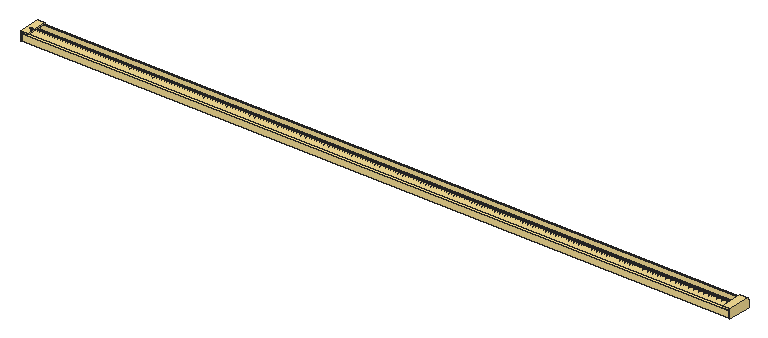
Revit family "Displays_Track_ASHanging_WallTrack", category Generic Models, Revit 2026
Family settings
  Can host rebar = No
  Round Connector Dimension = Use Diameter
  Part Type = Normal
  Classification Number = 23.40.90.11
  Cut with Voids When Loaded = No
  Maintain Annotation Orientation = No
  Shared = No
  Room Calculation Point = No
Parameters (values of type "Champagne")
  Wall Track = Champagne
  URL = "https://www.ashanging.com/"
  Specification = "http://www.arcat.com/sd/clients/ashangin.html?coid=45320"
  Sales Information = "https://www.ashanging.com/en/contacts/"
  Revision = "R1_2017"
  Product Properties = "https://www.ashanging.com/en/classic-system/"
  Product Data = "http://www.arcat.com/arcatcos/cos45/arc45245.html"
  Model = "Wall Track"
  Manufacturer Website = "https://www.ashanging.com/"
  Manufacturer Phone - Toll Free = "866-935-7024"
  Manufacturer Phone = ""
  Manufacturer Fax = ""
  Manufacturer Address = "8396 State Route 9, West Chazy, NY 12992"
  Manufacturer = "AS Hanging"
  built-in parameter 1001306 [instance] = 3' - 0"
  Keynote = "10 14 00"
  Installation-Fabrication = "https://www.ashanging.com/en/support-documents/"
  Endcap - R [instance] = yes
  Endcap - L [instance] = yes
  Drawn By = "Sumex Design, Robert S. Weygant"
  Description = "AS Hanging Wall Track"
  Default Elevation = 0' - 0"
  Copyright = "2017 ARCAT, Inc"
  Construction Details = ""
  Assembly Code = "C1030500"
Types (4): name | Wall Track | Specification | Manufacturer Phone - Toll Free
  Silver Satin | Silver Satin | "http://www.arcat.com/sd/clients/ashangin.html?coid=45317" | "866-935-7021"
  Black | Black | "http://www.arcat.com/sd/clients/ashangin.html?coid=45318" | "866-935-7022"
  Champagne | Champagne | "http://www.arcat.com/sd/clients/ashangin.html?coid=45320" | "866-935-7024"
  Warm White | White - SemiGloss (warm) | "http://www.arcat.com/sd/clients/ashangin.html?coid=45319" | "866-935-7023"
Reference planes (in)
  plane 1 "Center (Front/Back)": y = 0
  plane 2: z = 0
  plane 3 "Left": x = 0
  plane 4 "Right": x = 36
  plane 5: y = 1.17
  plane 6 "Face": z = 0.39
Forms (in)
  Extrusion 1, solid, material "Champagne" <- "Wall Track"
    sketch origin (0, 0, 0) x (0, 1, 0) y (0, 0, 1)
      loop
        line (1.17, 0) -> (1.17, 0.33786) -> (1.11786, 0.39)
        arc (1.11786, 0.39) -> (1.10095, 0.3787) -> (1.10492, 0.35875) r 0.01831
        line (1.10492, 0.35875) -> (1.13875, 0.32492) -> (1.13875, 0.05462)
        arc (1.13875, 0.05462) -> (1.13191, 0.03809) -> (1.11538, 0.03125) r 0.02337
        line (1.11538, 0.03125) -> (0.05447, 0.03125)
        arc (0.05447, 0.03125) -> (0.03805, 0.03805) -> (0.03125, 0.05447) r 0.02322
        line (0.03125, 0.05447) -> (0.03125, 0.32492) -> (0.06508, 0.35875) -> (0.51111, 0.35875)
        arc (0.51111, 0.35875) -> (0.52706, 0.35214) -> (0.53367, 0.3362) r 0.02255
        line (0.53367, 0.3362) -> (0.53367, 0.30542)
        arc (0.53367, 0.30542) -> (0.54929, 0.28979) -> (0.56492, 0.30542) r 0.01562
        line (0.56492, 0.30542) -> (0.56492, 0.37)
        arc (0.56492, 0.37) -> (0.55906, 0.38414) -> (0.54492, 0.39) r 0.02
        line (0.54492, 0.39) -> (0.05214, 0.39) -> (0, 0.33786) -> (0, 0) -> (1.17, 0)
    from 0 to 36 <- "built-in parameter 1001306"
  Extrusion 2, solid, material "Champagne" <- "Wall Track", visible <- "Endcap - L", detail levels medium+fine
    sketch origin (0, 0, 0) x (0, 1, 0) y (0, 0, 1)
      loop
        line (1.11786, 0.39) -> (0, 0.39) -> (0, 0) -> (1.17, 0) -> (1.17, 0.33786) -> (1.11786, 0.39)
    from 0 to -0.0625
  Extrusion 3, solid, material "Champagne" <- "Wall Track", visible <- "Endcap - L", detail levels medium+fine
    sketch origin (0, 0, 0.39) x (0, 1, 0) y (-1, 0, 0)
      loop
        line (1.11786, 0.0625) -> (0, 0.0625) -> (0, -0.3125) -> (1.11786, -0.3125) -> (1.11786, 0.0625)
    from 0 to 0.0625
  Extrusion 4, solid, material "Champagne" <- "Wall Track", visible <- "Endcap - R", detail levels medium+fine
    sketch origin (47.6875, 0, 0.39) x (0, 1, 0) y (-1, 0, 0)
      loop
        line (1.11786, 12) -> (0, 12) -> (0, 11.625) -> (1.11786, 11.625) -> (1.11786, 12)
    from 0 to 0.0625
  Extrusion 5, solid, material "Champagne" <- "Wall Track", visible <- "Endcap - R", detail levels medium+fine
    sketch origin (36, 0, 0) x (0, 1, 0) y (0, 0, 1)
      loop
        line (0, 0.39) -> (0, 0) -> (1.17, 0) -> (1.17, 0.33786) -> (1.11786, 0.39) -> (0, 0.39)
    from 0 to 0.0625
Cuts and joins
  joined: Extrusion 2, Extrusion 3
  joined: Extrusion 4, Extrusion 5
Lines and regions (in)
  reference lines
    curve 1: line (0, 0, 0) -> (36, 0, 0)
Dimensions and locks (in)
  "built-in parameter 1001306": plane 3 "Left" to plane 4 "Right"
  plane 6 "Face" to level = 0' - 0.39"
  plane 5 to plane 1 "Center (Front/Back)" = 0' - 1.17"
  Extrusion 3 sketch curve to plane 3 "Left" to Extrusion 3 sketch curve = 0' - 0 1/16" locked, 0' - 0 5/16" locked
  locked: Extrusion 3 to plane 6 "Face" at 0.0625
  Extrusion 4 sketch curve to plane 4 "Right" to Extrusion 4 sketch curve = 0' - 0 5/16" locked, 0' - 0 1/16" locked
  aligned and locked: plane 4 "Right" to curve 1
  aligned and locked: plane 1 "Center (Front/Back)" to curve 1
  aligned and locked: plane 3 "Left" to curve 1
  aligned and locked: level to plane 2
  aligned and locked: plane 5 to Extrusion 1 sketch curve
  aligned and locked: Extrusion 1 sketch curve to level
  aligned and locked: plane 1 "Center (Front/Back)" to Extrusion 1 sketch curve
  aligned and locked: Extrusion 1 to level
  aligned and locked: plane 5 to Extrusion 1
  aligned and locked: plane 6 "Face" to Extrusion 1
  aligned and locked: plane 1 "Center (Front/Back)" to Extrusion 1
  aligned and locked: plane 6 "Face" to Extrusion 2 sketch curve
  aligned and locked: plane 5 to Extrusion 2 sketch curve
  aligned and locked: Extrusion 2 sketch curve to Extrusion 1  (x3)
  aligned and locked: Extrusion 3 sketch curve to Extrusion 2
  aligned and locked: Extrusion 3 sketch curve to plane 1 "Center (Front/Back)"
  aligned and locked: Extrusion 5 sketch curve to plane 6 "Face"
  aligned and locked: Extrusion 5 sketch curve to plane 1 "Center (Front/Back)"
  aligned and locked: Extrusion 5 sketch curve to plane 5
  aligned and locked: level to Extrusion 5 sketch curve
  aligned and locked: Extrusion 5 sketch curve to Extrusion 1
Automatic sketch dimensions
  Extrusion 1 sketch curve to plane 6 "Face" = 0' - 0"  (x2)
  Extrusion 1 sketch curve to plane 1 "Center (Front/Back)" = 0' - 0 1/32"
  Extrusion 1 sketch curve to plane 1 "Center (Front/Back)" = 0' - 0.05214"
  Extrusion 1 sketch curve to Extrusion 1 sketch curve = 0' - 0.02322"
  Extrusion 1 sketch curve to plane 6 "Face" = 0' - 0 1/32"  (x2)
  Extrusion 1 sketch curve to Extrusion 1 sketch curve = 0' - 0.01294"  (x4)
  Extrusion 1 sketch curve to Extrusion 1 sketch curve = 0' - 0.44603"
  Extrusion 1 sketch curve to Extrusion 1 sketch curve = 0' - 0.02255"
  Extrusion 1 sketch curve to Extrusion 1 sketch curve = 0' - 0.0338"
  Extrusion 1 sketch curve to Extrusion 1 sketch curve = 0' - 0 1/64"
  Extrusion 1 sketch curve to plane 5 = 0' - 0.06508"
  Extrusion 1 sketch curve to plane 5 = 0' - 0.05462"
  Extrusion 1 sketch curve to Extrusion 1 sketch curve = 0' - 0.02337"
  level to Extrusion 1 sketch curve = 0' - 0 1/32"
  Extrusion 1 sketch curve to Extrusion 1 sketch curve = 0' - 0.03078"
  Extrusion 1 sketch curve to Extrusion 1 sketch curve = 0' - 0.03383"  (x2)
  Extrusion 2 sketch curve to plane 5 = 0' - 0.05214"
  Extrusion 2 sketch curve to plane 6 "Face" = 0' - 0.05214"
  plane 1 "Center (Front/Back)" to Extrusion 4 sketch curve = 0' - 0"
  Extrusion 4 sketch curve to plane 5 = 0' - 0.05214"
